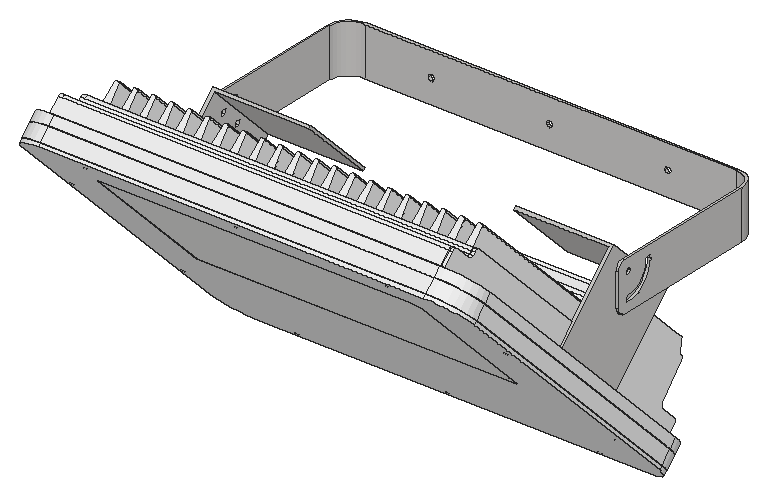
Revit family "FT ATEX LED MAX_2021", category Luminarias, Revit 2021 (continued)
Types (12, lengths in mm): name | Wattage | Power | Position | Archivo de red fotométrica | built-in parameter 1150142 | Modules | Lumens | built-in parameter 1150105 | built-in parameter 1150106 | Equiv MH
    382.0241\t0\t0\t0\t0\r\n0\t0\t0\t0\t0\t0\t0\t0\t0\t0\r\n0\t0\t0\t0\t0\t0\t0\t0\t0\t0\r\n0\t0\t0\t0\t0\t0\t0\t0\t0\t0\r\n0\t0\t0\t0\t0\t0\t0\t0\t0\t0\r\n0\r\n1059.896\t1062.6024\t1069.7244\t1076.4191\t1085.8201\t1095.7909\t1107.0437\t1117.7267\t1128.837\t1140.3746\r\n1149.9181\t1164.5894\t1177.9788\t1200.9116\t1228.9723\t1265.5794\t1307.0294\t1352.8951\t1400.1852\t1451.8909\r\n1504.024\t1560.2878\t1618.6882\t1678.513\t1750.1603\t1828.7872\t1924.5068\t2042.4472\t2189.3028\t2368.065\r\n2569.9025\t2783.8474\t2996.9376\t3215.583\t3436.7923\t3618.2609\t3700.1639\t3634.3566\t3347.0551\t2807.0651\r\n2100.5627\t1429.1005\t969.7315\t673.1714\t503.6678\t380.5997\t0\t0\t0\t0\r\n0\t0\t0\t0\t0\t0\t0\t0\t0\t0\r\n0\t0\t0\t0\t0\t0\t0\t0\t0\t0\r\n0\t0\t0\t0\t0\t0\t0\t0\t0\t0\r\n0\t0\t0\t0\t0\t0\t0\t0\t0\t0\r\n0\r\n1060.8931\t1061.4629\t1069.7244\t1075.1371\t1084.3957\t1094.7938\t1104.6222\t1116.0174\t1124.2789\t1136.2439\r\n1144.9327\t1158.0372\t1172.2812\t1195.214\t1225.2689\t1261.7335\t1305.4626\t1351.3283\t1397.0515\t1450.0392\r\n1499.7508\t1559.1482\t1615.412\t1676.5188\t1751.2998\t1828.7872\t1926.501\t2044.2989\t2192.294\t2369.0621\r\n2568.3356\t2780.0015\t2991.24\t3211.7371\t3431.0947\t3610.7116\t3679.9374\t3595.328\t3299.0528\t2764.7604\r\n2078.1996\t1425.5395\t973.5774\t674.0261\t503.2405\t379.3177\t0\t0\t0\t0\r\n0\t0\t0\t0\t0\t0\t0\t0\t0\t0\r\n0\t0\t0\t0\t0\t0\t0\t0\t0\t0\r\n0\t0\t0\t0\t0\t0\t0\t0\t0\t0\r\n0\t0\t0\t0\t0\t0\t0\t0\t0\t0\r\n0\r\n1060.1809\t1061.7478\t1067.7302\t1074.2825\t1083.2562\t1092.7997\t1102.9129\t1112.7413\t1121.715\t1131.4009\r\n1141.9415\t1153.4791\t1169.29\t1191.9379\t1221.7079\t1260.4516\t1304.3231\t1352.0405\t1397.6213\t1449.7543\r\n1500.463\t1557.0116\t1614.8423\t1675.949\t1748.3086\t1826.0808\t1923.7946\t2041.1652\t2188.1633\t2363.6494\r\n2560.9288\t2771.5975\t2981.9814\t3201.339\t3414.1444\t3581.2265\t3637.9176\t3540.7735\t3245.353\t2728.1533\r\n2063.5283\t1427.3912\t980.9843\t683.5696\t510.505\t385.3002\t0\t0\t0\t0\r\n0\t0\t0\t0\t0\t0\t0\t0\t0\t0\r\n0\t0\t0\t0\t0\t0\t0\t0\t0\t0\r\n0\t0\t0\t0\t0\t0\t0\t0\t0\t0\r\n0\t0\t0\t0\t0\t0\t0\t0\t0\t0\r\n0\r\n1059.3263\t1062.0326\t1065.8785\t1073.4278\t1082.2591\t1090.948\t1101.3461\t1109.4652\t1119.2935\t1126.4155\r\n1138.9502\t1148.7786\t1166.2987\t1188.6618\t1218.1469\t1259.0272\t1303.1836\t1352.8951\t1398.191\t1449.4694\r\n1501.3176\t1554.875\t1614.2725\t1675.3793\t1745.3173\t1823.3744\t1921.0883\t2037.8891\t2184.0325\t2358.2366\r\n2553.5219\t2763.0511\t2972.7228\t3190.9409\t3397.3364\t3551.7414\t3595.8978\t3486.219\t3191.5106\t2691.6887\r\n2048.7145\t1429.243\t988.3912\t693.113\t517.9118\t391.2827\t0\t0\t0\t0\r\n0\t0\t0\t0\t0\t0\t0\t0\t0\t0\r\n0\t0\t0\t0\t0\t0\t0\t0\t0\t0\r\n0\t0\t0\t0\t0\t0\t0\t0\t0\t0\r\n0\t0\t0\t0\t0\t0\t0\t0\t0\t0\r\n0\r\n1060.1809\t1060.8931\t1065.5936\t1071.0064\t1081.4045\t1089.3811\t1099.9217\t1107.6134\t1116.5872\t1125.5609\r\n1135.3892\t1147.2118\t1161.8831\t1185.1008\t1214.0161\t1253.3296\t1297.486\t1344.776\t1392.2086\t1442.205\r\n1493.7683\t1549.3199\t1610.2842\t1672.6729\t1741.4714\t1818.6739\t1913.9663\t2029.3427\t2173.492\t2342.8531\r\n2539.1354\t2750.5164\t2961.7549\t3176.5544\t3384.9442\t3527.9539\t3568.9766\t3463.0013\t3174.5603\t2685.1364\r\n2057.2609\t1447.9026\t1004.202\t712.7698\t523.6094\t393.2768\t0\t0\t0\t0\r\n0\t0\t0\t0\t0\t0\t0\t0\t0\t0\r\n0\t0\t0\t0\t0\t0\t0\t0\t0\t0\r\n0\t0\t0\t0\t0\t0\t0\t0\t0\t0\r\n0\t0\t0\t0\t0\t0\t0\t0\t0\t0\r\n0\r\n1060.8931\t1059.896\t1065.3088\t1068.5849\t1080.5498\t1087.6718\t1098.6397\t1105.6193\t1113.8808\t1124.8487\r\n1131.8282\t1145.5025\t1157.4674\t1181.5398\t1209.8854\t1247.632\t1291.7884\t1336.5145\t1386.2261\t1434.7981\r\n1486.0765\t1543.9072\t1606.1534\t1669.9666\t1737.6256\t1814.1158\t1906.8443\t2020.9387\t2162.809\t2327.612\r\n2524.6066\t2737.9817\t2950.787\t3162.0256\t3372.6943\t3504.3089\t3541.913\t3439.7836\t3157.7524\t2678.5842\r\n2065.6649\t1466.4198\t1020.0128\t732.4265\t529.307\t395.1286\t0\t0\t0\t0\r\n0\t0\t0\t0\t0\t0\t0\t0\t0\t0\r\n0\t0\t0\t0\t0\t0\t0\t0\t0\t0\r\n0\t0\t0\t0\t0\t0\t0\t0\t0\t0\r\n0\t0\t0\t0\t0\t0\t0\t0\t0\t0\r\n0\r\n1061.178\t1059.896\t1063.8844\t1068.3\t1078.6981\t1087.9567\t1096.3607\t1104.9071\t1112.0291\t1121.2877\r\n1129.9765\t1141.0868\t1155.046\t1177.1242\t1207.179\t1245.6378\t1290.364\t1336.2296\t1383.8046\t1433.3737\r\n1484.2248\t1540.3462\t1600.8832\t1664.5538\t1731.0733\t1804.7148\t1896.1613\t2007.2645\t2149.1347\t2318.0686\r\n2517.1997\t2731.1446\t2945.9441\t3162.3104\t3368.4211\t3501.4601\t3533.9364\t3429.243\t3145.0752\t2672.032\r\n2077.345\t1502.4571\t1068.5849\t757.7808\t534.0076\t398.6896\t0\t0\t0\t0\r\n0\t0\t0\t0\t0\t0\t0\t0\t0\t0\r\n0\t0\t0\t0\t0\t0\t0\t0\t0\t0\r\n0\t0\t0\t0\t0\t0\t0\t0\t0\t0\r\n0\t0\t0\t0\t0\t0\t0\t0\t0\t0\r\n0\r\n1061.4629\t1059.896\t1062.6024\t1068.0151\t1076.704\t1088.2416\t1094.2241\t1104.0524\t1110.0349\t1117.7267\r\n1128.1248\t1136.8136\t1152.6245\t1172.851\t1204.4726\t1243.7861\t1289.082\t1335.9448\t1381.2407\t1432.0918\r\n1482.2306\t1536.7852\t1595.7553\t1659.1411\t1724.5211\t1795.4562\t1885.6207\t1993.5902\t2135.4605\t2308.5251\r\n2509.9352\t2724.3074\t2941.1011\t3162.5953\t3364.0055\t3498.7537\t3526.1022\t3418.56\t3132.5405\t2665.4797\r\n2089.1675\t1538.4944\t1117.1569\t783.1351\t538.7081\t402.2506\t0\t0\t0\t0\r\n0\t0\t0\t0\t0\t0\t0\t0\t0\t0\r\n0\t0\t0\t0\t0\t0\t0\t0\t0\t0\r\n0\t0\t0\t0\t0\t0\t0\t0\t0\t0\r\n0\t0\t0\t0\t0\t0\t0\t0\t0\t0\r\n0\r\n1066.7332\t1065.0239\t1068.3\t1073.7127\t1083.826\t1093.6543\t1101.0612\t1109.75\t1116.872\t1125.5609\r\n1133.5375\t1141.0868\t1160.3162\t1183.2491\t1216.4376\t1257.4603\t1304.3231\t1349.0492\t1397.0515\t1447.3328\r\n1501.0327\t1560.2878\t1619.2579\t1683.3559\t1751.5847\t1828.5023\t1921.8005\t2039.4559\t2186.3116\t2365.786\r\n2574.603\t2784.4171\t3018.0187\t3243.3588\t3446.6207\t3569.6888\t3583.648\t3462.2891\t3151.485\t2647.105\r\n2030.7671\t1464.9954\t1059.896\t745.2461\t525.8885\t400.8262\t0\t0\t0\t0\r\n0\t0\t0\t0\t0\t0\t0\t0\t0\t0\r\n0\t0\t0\t0\t0\t0\t0\t0\t0\t0\r\n0\t0\t0\t0\t0\t0\t0\t0\t0\t0\r\n0\t0\t0\t0\t0\t0\t0\t0\t0\t0\r\n0\r\n1071.861\t1070.1517\t1073.9976\t1079.5528\t1090.948\t1099.067\t1107.8983\t1115.4476\t1123.7092\t1133.5375\r\n1138.9502\t1145.5025\t1167.8656\t1193.5048\t1228.545\t1270.9921\t1319.5642\t1362.1537\t1413.0048\t1462.5739\r\n1519.8348\t1583.7904\t1642.7605\t1707.7132\t1778.6483\t1861.5484\t1958.1227\t2085.3216\t2237.0202\t2423.0468\r\n2639.2708\t2844.3844\t3094.9363\t3324.1223\t3529.3783\t3640.624\t3641.1937\t3505.8757\t3170.2871\t2628.8726\r\n1972.3667\t1391.6388\t1002.4927\t707.357\t513.0689\t399.5442\t0\t0\t0\t0\r\n0\t0\t0\t0\t0\t0\t0\t0\t0\t0\r\n0\t0\t0\t0\t0\t0\t0\t0\t0\t0\r\n0\t0\t0\t0\t0\t0\t0\t0\t0\t0\r\n0\t0\t0\t0\t0\t0\t0\t0\t0\t0\r\n0\r\n1068.3\t1067.1605\t1069.4395\t1075.7069\t1084.9655\t1094.2241\t1101.9158\t1110.0349\t1118.0116\t1126.9853\r\n1134.1073\t1141.9415\t1160.7436\t1185.6706\t1221.423\t1264.4399\t1312.5846\t1358.5927\t1407.7345\t1458.728\r\n1513.8523\t1574.5318\t1633.6444\t1695.3209\t1766.8258\t1848.159\t1943.7362\t2065.9498\t2217.0786\t2400.9686\r\n2613.0618\t2825.8672\t3062.46\t3299.3377\t3504.7362\t3627.5195\t3638.2025\t3507.7274\t3180.1154\t2642.5469\r\n1990.599\t1410.156\t1006.9084\t697.5287\t503.383\t388.0066\t0\t0\t0\t0\r\n0\t0\t0\t0\t0\t0\t0\t0\t0\t0\r\n0\t0\t0\t0\t0\t0\t0\t0\t0\t0\r\n0\t0\t0\t0\t0\t0\t0\t0\t0\t0\r\n0\t0\t0\t0\t0\t0\t0\t0\t0\t0\r\n0\r\n1064.739\t1064.1692\t1064.739\t1071.861\t1078.983\t1089.3811\t1095.7909\t1104.6222\t1112.1715\t1120.433\r\n1129.1219\t1138.3805\t1153.764\t1177.6939\t1214.301\t1257.8876\t1305.4626\t1355.0317\t1402.6067\t1455.0246\r\n1507.8698\t1565.2732\t1624.6706\t1683.071\t1755.1457\t1834.7696\t1929.2074\t2046.5779\t2197.137\t2378.8904\r\n2586.8528\t2807.35\t3029.9837\t3274.5532\t3480.2365\t3614.415\t3635.2112\t3509.7216\t3189.9438\t2656.2211\r\n2008.8313\t1428.8156\t1011.324\t687.7003\t493.8395\t376.6114\t0\t0\t0\t0\r\n0\t0\t0\t0\t0\t0\t0\t0\t0\t0\r\n0\t0\t0\t0\t0\t0\t0\t0\t0\t0\r\n0\t0\t0\t0\t0\t0\t0\t0\t0\t0\r\n0\t0\t0\t0\t0\t0\t0\t0\t0\t0\r\n0\r\n1063.1722\t1061.4629\t1062.8873\t1068.3\t1076.2766\t1085.2504\t1093.0846\t1101.0612\t1107.8983\t1116.5872\r\n1123.7092\t1133.8224\t1148.7786\t1173.1358\t1209.6005\t1251.9052\t1301.047\t1349.9039\t1399.0457\t1450.609\r\n1502.1722\t1559.1482\t1616.2667\t1678.513\t1748.3086\t1827.6476\t1921.5156\t2040.3106\t2184.6023\t2360.6581\r\n2566.9112\t2782.7078\t3005.7689\t3244.2134\t3454.5973\t3601.1681\t3634.9264\t3526.3871\t3213.8737\t2688.1277\r\n2032.3339\t1422.5483\t984.2604\t677.872\t493.1273\t375.187\t0\t0\t0\t0\r\n0\t0\t0\t0\t0\t0\t0\t0\t0\t0\r\n0\t0\t0\t0\t0\t0\t0\t0\t0\t0\r\n0\t0\t0\t0\t0\t0\t0\t0\t0\t0\r\n0\t0\t0\t0\t0\t0\t0\t0\t0\t0\r\n0\r\n1061.4629\t1058.7565\t1060.8931\t1064.739\t1073.4278\t1081.1196\t1090.3782\t1097.5002\t1103.4827\t1112.7413\r\n1118.2964\t1129.1219\t1143.9356\t1168.4353\t1205.0424\t1245.9227\t1296.6313\t1344.776\t1395.4847\t1446.1933\r\n1496.4746\t1553.1658\t1607.7203\t1673.8124\t1741.4714\t1820.6681\t1913.9663\t2034.0432\t2172.0676\t2342.2834\r\n2546.9696\t2758.2082\t2981.4116\t3213.8737\t3428.9581\t3587.7787\t3634.6415\t3543.0526\t3237.9461\t2720.0342\r\n2055.8365\t1416.2809\t957.1968\t668.0436\t492.2726\t373.905\t0\t0\t0\t0\r\n0\t0\t0\t0\t0\t0\t0\t0\t0\t0\r\n0\t0\t0\t0\t0\t0\t0\t0\t0\t0\r\n0\t0\t0\t0\t0\t0\t0\t0\t0\t0\r\n0\t0\t0\t0\t0\t0\t0\t0\t0\t0\r\n0\r\n1060.1809\t1057.9019\t1059.6112\t1063.5995\t1071.861\t1079.2679\t1088.5265\t1094.7938\t1100.4914\t1109.1803\r\n1115.7325\t1126.7004\t1141.0868\t1166.5836\t1202.0512\t1243.7861\t1293.2128\t1342.497\t1393.7754\t1443.487\r\n1494.1956\t1550.1745\t1606.7232\t1670.8212\t1737.9104\t1817.1071\t1907.414\t2021.9358\t2160.6724\t2327.3272\r\n2529.592\t2742.1124\t2960.1881\t3186.6677\t3404.0311\t3569.404\t3622.9614\t3541.0584\t3245.0681\t2721.3162\r\n2049.854\t1402.3218\t948.508\t666.6192\t494.1244\t377.3236\t0\t0\t0\t0\r\n0\t0\t0\t0\t0\t0\t0\t0\t0\t0\r\n0\t0\t0\t0\t0\t0\t0\t0\t0\t0\r\n0\t0\t0\t0\t0\t0\t0\t0\t0\t0\r\n0\t0\t0\t0\t0\t0\t0\t0\t0\t0\r\n0\r\n1058.7565\t1057.0472\t1058.1868\t1062.6024\t1070.1517\t1077.2737\t1086.5323\t1092.0875\t1097.5002\t1105.6193\r\n1113.311\t1124.2789\t1138.3805\t1164.5894\t1199.0599\t1241.507\t1289.6518\t1340.3604\t1392.2086\t1440.7806\r\n1492.059\t1547.1833\t1605.5837\t1667.83\t1734.3494\t1813.5461\t1900.8618\t2009.9708\t2149.1347\t2312.371\r\n2512.0718\t2726.0167\t2938.8221\t3159.3192\t3379.2466\t3551.1716\t3611.1389\t3539.2067\t3252.0476\t2722.7406\r\n2043.8716\t1388.3627\t939.8191\t665.1948\t496.1185\t380.8846\t0\t0\t0\t0\r\n0\t0\t0\t0\t0\t0\t0\t0\t0\t0\r\n0\t0\t0\t0\t0\t0\t0\t0\t0\t0\r\n0\t0\t0\t0\t0\t0\t0\t0\t0\t0\r\n0\t0\t0\t0\t0\t0\t0\t0\t0\t0\r\n0\r\n1059.0414\t1057.0472\t1057.617\t1062.3175\t1068.3\t1076.2766\t1084.6806\t1089.8084\t1096.0758\t1102.9129\r\n1111.1744\t1121.715\t1137.3834\t1161.8831\t1197.9204\t1241.0797\t1288.2274\t1340.9302\t1391.9237\t1442.6323\r\n1492.059\t1545.7589\t1604.1593\t1665.1236\t1734.9192\t1810.5548\t1900.0072\t2008.404\t2144.7191\t2308.81\r\n2505.5196\t2719.1796\t2924.1508\t3138.8078\t3352.0405\t3528.5237\t3598.3193\t3535.6457\t3261.5911\t2739.9758\r\n2054.9819\t1387.2232\t934.8337\t663.3431\t494.4092\t381.4543\t0\t0\t0\t0\r\n0\t0\t0\t0\t0\t0\t0\t0\t0\t0\r\n0\t0\t0\t0\t0\t0\t0\t0\t0\t0\r\n0\t0\t0\t0\t0\t0\t0\t0\t0\t0\r\n0\t0\t0\t0\t0\t0\t0\t0\t0\t0\r\n0\r\n1059.3263\t1057.0472\t1057.0472\t1062.0326\t1066.4483\t1075.1371\t1082.8289\t1087.6718\t1094.7938\t1100.2066\r\n1108.8954\t1119.2935\t1136.2439\t1159.1767\t1196.7809\t1240.51\t1286.803\t1341.4999\t1391.6388\t1444.6265\r\n1492.059\t1544.4769\t1602.8773\t1662.2748\t1735.489\t1807.5636\t1899.1525\t2006.6947\t2140.4459\t2305.249\r\n2498.9674\t2712.3425\t2909.337\t3118.4389\t3324.692\t3505.8757\t3585.4997\t3532.0847\t3271.277\t2757.0686\r\n2066.2346\t1386.2261\t929.9908\t661.4914\t492.8424\t382.0241\t0\t0\t0\t0\r\n0\t0\t0\t0\t0\t0\t0\t0\t0\t0\r\n0\t0\t0\t0\t0\t0\t0\t0\t0\t0\r\n0\t0\t0\t0\t0\t0\t0\t0\t0\t0\r\n0\t0\t0\t0\t0\t0\t0\t0\t0\t0\r\n0\r\n1060.8931\t1056.9048\t1058.4716\t1062.0326\t1067.1605\t1074.5674\t1082.2591\t1087.6718\t1093.0846\t1099.9217\r\n1106.7588\t1118.0116\t1133.2526\t1156.1855\t1193.5048\t1236.0943\t1284.3815\t1336.7994\t1390.072\t1444.6265\r\n1495.62\t1549.6048\t1604.729\t1664.8387\t1731.3582\t1804.9997\t1892.8852\t2001.282\t2135.4605\t2297.5572\r\n2489.7088\t2694.1102\t2889.253\t3088.0992\t3289.7942\t3471.5477\t3558.5785\t3515.989\t3271.4195\t2767.1819\r\n2076.3479\t1391.6388\t930.9878\t660.067\t493.4122\t382.0241\t0\t0\t0\t0\r\n0\t0\t0\t0\t0\t0\t0\t0\t0\t0\r\n0\t0\t0\t0\t0\t0\t0\t0\t0\t0\r\n0\t0\t0\t0\t0\t0\t0\t0\t0\t0\r\n0\t0\t0\t0\t0\t0\t0\t0\t0\t0\r\n0\r\n1062.6024\t1056.6199\t1059.896\t1062.0326\t1068.0151\t1073.9976\t1081.6894\t1087.6718\t1091.5177\t1099.6368\r\n1104.6222\t1116.5872\t1130.2614\t1153.1942\t1190.2286\t1231.8211\t1281.96\t1332.0989\t1388.3627\t1444.6265\r\n1499.181\t1554.875\t1606.7232\t1667.2602\t1727.2274\t1802.5782\t1886.6178\t1995.7268\t2130.6175\t2290.0079\r\n2480.4502\t2675.7354\t2869.0265\t3057.7595\t3254.8964\t3437.0772\t3531.5149\t3499.8932\t3271.7044\t2777.2951\r\n2086.4611\t1397.0515\t932.1274\t658.785\t493.8395\t382.0241\t0\t0\t0\t0\r\n0\t0\t0\t0\t0\t0\t0\t0\t0\t0\r\n0\t0\t0\t0\t0\t0\t0\t0\t0\t0\r\n0\t0\t0\t0\t0\t0\t0\t0\t0\t0\r\n0\t0\t0\t0\t0\t0\t0\t0\t0\t0\r\n0\r\n1062.3175\t1056.335\t1059.3263\t1061.7478\t1067.7302\t1073.4278\t1080.265\t1086.2474\t1090.948\t1098.9246\r\n1104.3373\t1115.3052\t1128.5521\t1151.2001\t1187.2374\t1228.9723\t1279.8234\t1330.532\t1387.508\t1444.3416\r\n1499.181\t1554.875\t1608.0052\t1667.5451\t1728.6518\t1803.7177\t1889.3242\t1998.2908\t2130.0478\t2290.2928\r\n2476.3194\t2670.0378\t2866.0352\t3054.4834\t3248.3442\t3421.8361\t3515.7041\t3484.3673\t3258.315\t2766.6121\r\n2083.3274\t1400.6125\t934.264\t663.0582\t497.9702\t385.87\t0\t0\t0\t0\r\n0\t0\t0\t0\t0\t0\t0\t0\t0\t0\r\n0\t0\t0\t0\t0\t0\t0\t0\t0\t0\r\n0\t0\t0\t0\t0\t0\t0\t0\t0\t0\r\n0\t0\t0\t0\t0\t0\t0\t0\t0\t0\r\n0\r\n1062.0326\t1056.0502\t1058.7565\t1061.4629\t1067.4454\t1073.0005\t1078.983\t1084.9655\t1090.3782\t1098.07\r\n1104.0524\t1113.8808\t1126.9853\t1149.3484\t1184.2462\t1226.266\t1277.5444\t1328.9652\t1386.7958\t1444.0567\r\n1499.181\t1554.875\t1609.4296\t1667.83\t1730.0762\t1804.7148\t1892.173\t2000.7122\t2129.478\t2290.4352\r\n2472.1886\t2664.3402\t2863.044\t3051.2072\t3241.792\t3406.595\t3499.8932\t3468.6989\t3245.0681\t2756.0716\r\n2080.3362\t1404.1735\t936.543\t667.4738\t502.101\t389.7158\t0\t0\t0\t0\r\n0\t0\t0\t0\t0\t0\t0\t0\t0\t0\r\n0\t0\t0\t0\t0\t0\t0\t0\t0\t0\r\n0\t0\t0\t0\t0\t0\t0\t0\t0\t0\r\n0\t0\t0\t0\t0\t0\t0\t0\t0\t0\r\n0\r\n1060.8931\t1056.0502\t1057.617\t1060.8931\t1067.4454\t1071.861\t1078.6981\t1084.6806\t1090.6631\t1097.5002\r\n1102.9129\t1113.0262\t1126.1306\t1148.7786\t1181.5398\t1224.6991\t1273.9834\t1324.2647\t1380.6709\t1436.6498\r\n1494.1956\t1548.8926\t1605.0139\t1660.708\t1724.2362\t1799.8718\t1887.1876\t1995.2995\t2122.0711\t2279.3249\r\n2461.933\t2658.9275\t2860.765\t3058.6141\t3258.1726\t3423.6878\t3502.5996\t3451.891\t3216.2952\t2726.0167\r\n2059.9673\t1400.8974\t941.6708\t674.8807\t508.3684\t395.1286\t0\t0\t0\t0\r\n0\t0\t0\t0\t0\t0\t0\t0\t0\t0\r\n0\t0\t0\t0\t0\t0\t0\t0\t0\t0\r\n0\t0\t0\t0\t0\t0\t0\t0\t0\t0\r\n0\t0\t0\t0\t0\t0\t0\t0\t0\t0\r\n0\r\n1059.896\t1056.0502\t1056.6199\t1060.3234\t1067.4454\t1070.7215\t1078.4132\t1084.3957\t1090.948\t1096.9304\r\n1101.9158\t1112.1715\t1125.276\t1148.2088\t1178.8334\t1222.9898\t1270.5648\t1319.5642\t1374.6884\t1429.243\r\n1489.3526\t1542.7676\t1600.7407\t1653.586\t1718.5386\t1795.0289\t1882.3446\t1989.7444\t2114.8067\t2268.0721\r\n2451.5348\t2653.3723\t2858.6284\t3066.021\t3274.5532\t3440.9231\t3505.306\t3434.9406\t3187.6648\t2695.9619\r\n2039.4559\t1397.6213\t946.9411\t682.1452\t514.6357\t400.5413\t0\t0\t0\t0\r\n0\t0\t0\t0\t0\t0\t0\t0\t0\t0\r\n0\t0\t0\t0\t0\t0\t0\t0\t0\t0\r\n0\t0\t0\t0\t0\t0\t0\t0\t0\t0\r\n0\t0\t0\t0\t0\t0\t0\t0\t0\t0\r\n0\r\n1059.3263\t1056.335\t1056.335\t1060.3234\t1066.4483\t1071.0064\t1078.4132\t1084.1108\t1090.6631\t1096.0758\r\n1102.2007\t1111.1744\t1125.276\t1148.7786\t1181.2549\t1224.6991\t1271.5619\t1323.41\t1376.9675\t1430.3825\r\n1487.9282\t1540.9159\t1599.3163\t1655.2952\t1721.8147\t1796.3108\t1883.9114\t1986.7531\t2111.5306\t2261.8048\r\n2441.1367\t2640.8376\t2844.0995\t3056.4775\t3265.7219\t3430.8098\t3491.3468\t3397.4789\t3125.5609\t2630.4395\r\n1999.8576\t1387.0807\t947.3684\t684.1393\t516.4874\t401.6808\t0\t0\t0\t0\r\n0\t0\t0\t0\t0\t0\t0\t0\t0\t0\r\n0\t0\t0\t0\t0\t0\t0\t0\t0\t0\r\n0\t0\t0\t0\t0\t0\t0\t0\t0\t0\r\n0\t0\t0\t0\t0\t0\t0\t0\t0\t0\r\n0\r\n1058.7565\t1056.6199\t1056.0502\t1060.3234\t1065.3088\t1071.2912\t1078.4132\t1083.826\t1090.3782\t1095.3636\r\n1102.3432\t1110.0349\t1125.276\t1149.3484\t1183.6764\t1226.266\t1272.7014\t1327.2559\t1379.1041\t1431.522\r\n1486.6463\t1539.0642\t1597.8919\t1656.8621\t1725.0908\t1797.7352\t1885.6207\t1983.7619\t2108.2544\t2255.5374\r\n2430.7386\t2628.3029\t2829.713\t3046.934\t3257.033\t3420.6966\t3477.5302\t3360.1596\t3063.3146\t2565.0595\r\n1960.2593\t1376.3977\t947.9382\t685.991\t518.4816\t402.8203\t0\t0\t0\t0\r\n0\t0\t0\t0\t0\t0\t0\t0\t0\t0\r\n0\t0\t0\t0\t0\t0\t0\t0\t0\t0\r\n0\t0\t0\t0\t0\t0\t0\t0\t0\t0\r\n0\t0\t0\t0\t0\t0\t0\t0\t0\t0\r\n0\r\n1059.6112\t1056.335\t1056.6199\t1060.3234\t1065.0239\t1071.861\t1077.5586\t1084.6806\t1089.8084\t1095.0787\r\n1102.2007\t1110.3198\t1126.4155\t1149.3484\t1183.6764\t1225.4113\t1273.8409\t1328.1106\t1379.1041\t1431.8069\r\n1487.6434\t1542.0554\t1599.3163\t1659.8533\t1728.367\t1801.7236\t1889.609\t1988.1775\t2109.8213\t2256.392\r\n2430.1688\t2624.7419\t2824.3003\t3034.1144\t3239.228\t3412.8624\t3472.2599\t3349.4766\t3038.9574\t2539.7052\r\n1944.1636\t1365.4298\t943.0952\t681.433\t513.0689\t397.8349\t0\t0\t0\t0\r\n0\t0\t0\t0\t0\t0\t0\t0\t0\t0\r\n0\t0\t0\t0\t0\t0\t0\t0\t0\t0\r\n0\t0\t0\t0\t0\t0\t0\t0\t0\t0\r\n0\t0\t0\t0\t0\t0\t0\t0\t0\t0\r\n0\r\n1060.3234\t1056.0502\t1057.0472\t1060.3234\t1064.739\t1072.4308\t1076.704\t1085.5352\t1089.3811\t1094.7938\r\n1101.9158\t1110.6047\t1127.555\t1149.3484\t1183.6764\t1224.6991\t1274.838\t1328.9652\t1379.1041\t1432.0918\r\n1488.7829\t1545.0467\t1600.7407\t1662.8446\t1731.6431\t1805.8543\t1893.7398\t1992.5932\t2111.5306\t2257.2467\r\n2429.5991\t2621.1809\t2818.7452\t3021.2948\t3221.5655\t3404.8858\t3467.132\t3338.936\t3014.7426\t2514.2084\r\n1928.0678\t1354.6044\t938.1098\t676.7324\t507.5137\t392.992\t0\t0\t0\t0\r\n0\t0\t0\t0\t0\t0\t0\t0\t0\t0\r\n0\t0\t0\t0\t0\t0\t0\t0\t0\t0\r\n0\t0\t0\t0\t0\t0\t0\t0\t0\t0\r\n0\t0\t0\t0\t0\t0\t0\t0\t0\t0\r\n0\r\n1060.3234\t1056.335\t1056.9048\t1060.3234\t1065.0239\t1072.4308\t1076.4191\t1086.105\t1090.3782\t1096.6456\r\n1103.1978\t1112.1715\t1129.4068\t1152.3396\t1186.9525\t1228.545\t1279.5385\t1331.9564\t1382.6651\t1436.6498\r\n1492.3439\t1549.6048\t1605.2988\t1667.2602\t1733.7797\t1810.5548\t1896.731\t1999.5727\t2122.6409\t2272.7726\r\n2451.25\t2644.1137\t2845.8088\t3053.4863\t3260.0243\t3439.7836\t3496.0474\t3365.5723\t3037.6754\t2532.5832\r\n1930.6318\t1343.6365\t924.7205\t666.3343\t498.54\t384.7304\t0\t0\t0\t0\r\n0\t0\t0\t0\t0\t0\t0\t0\t0\t0\r\n0\t0\t0\t0\t0\t0\t0\t0\t0\t0\r\n0\t0\t0\t0\t0\t0\t0\t0\t0\t0\r\n0\t0\t0\t0\t0\t0\t0\t0\t0
